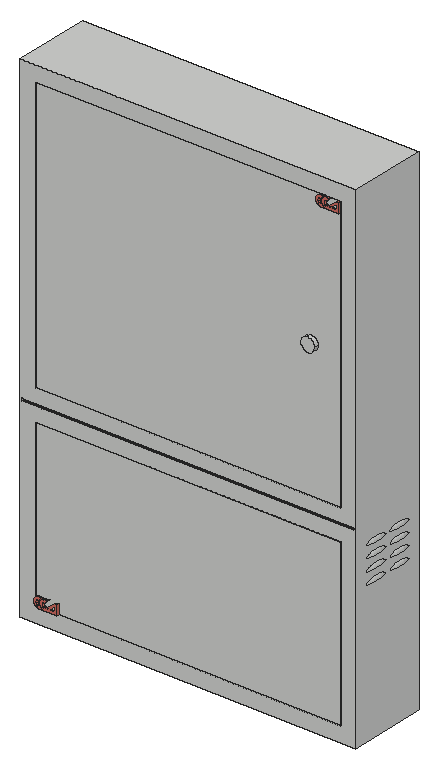
Revit family "120909-00128 Шкаф ШРП-В800-Р-ПВТ-10 ССД", category Обобщенные модели, Revit 2019
Family settings
  Может служить основой для арматурных стержней = Нет
  Размер круглого соединителя = Использовать диаметр
  Тип детали = Нормальный
  На основе рабочей плоскости = Нет
  Всегда вертикально = Да
  При загрузке вырезать с полостями = Нет
  Общий = Нет
  Точка расчета площади = Нет
Parameters (values of type "ШРП-В/800-Р-ПВТ-10 (80 плинтов ПВТ)")
  Толшина 5 = 5 mm  # constant formula
  Смещение от пола [instance] = 300 mm
  Описание = "Шкаф ШРП-В/800-Р-ПВТ-10 ССД"
  Ноль = 0 mm  # constant formula
  Материал каркаса = RAL 7035
  Материал букв = Красный металл
  Видимость шпонки [instance] = if(ADSK_Размер_Глубина > 250 mm, 1 = 1, 1 = 0)  # no
  ADSK_Этаж [instance] = ""
  ADSK_Размер_Ширина = 860 mm
  ADSK_Размер_Глубина = 200 mm
  ADSK_Размер_Высота = 1280 mm
  ADSK_Примечание [instance] = ""
  ADSK_Предел огнестойкости = ""
  ADSK_Позиция [instance] = ""
  ADSK_Обозначение = ""
  ADSK_Наименование краткое = "ШРП-В/800-Р-ПВТ-10 (80 плинтов ПВТ)"
  ADSK_Наименование = "Шкаф ШРП-В/800-Р-ПВТ-10 ССД"
  ADSK_Масса_Текст = "50.5"
  ADSK_Марка [instance] = ""
  ADSK_Количество [instance] = 1  # constant formula
  ADSK_Код изделия = "120909-00128"
  ADSK_Зона = ""
  ADSK_Завод-изготовитель = "АО СВЯЗЬСТРОЙДЕТАЛЬ"  # constant formula
  ADSK_Единица измерения = "шт"  # constant formula
  ADSK_URL страницы изделия = "https://www.ssd.ru/shkaf-shrp-v-800-r-pvt-10"
  ADSK_URL документации изделия = "shr_decl_2017.pdf (ssd.ru)"
Reference planes
  plane 1 "тттт": y = 0
  plane 2: z = 0
  plane 3 "УУУУ": x = 0
  plane 4: y = 100
  plane 5 "ЕЕЕ": y = -100
  plane 6: x = 430
  plane 7: x = -430
  plane 8: z = 300
  plane 9: z = 800
  plane 10: z = 1580
  plane 11 "Внутриность": y = 96
  plane 12: y = -96
  plane 13: x = -426
  plane 14: x = 426
  plane 15 "П1": z = 761
  plane 16: z = 339
  plane 17: z = 1541
  plane 18: z = 839
  plane 19: x = -391
  plane 20: x = 391
  plane 21: z = 803.251
  plane 22: z = 796.957
  plane 23: z = 1576.047
  plane 24: z = 304
  plane 25: y = -37
  plane 26: y = 37
  plane 27 "П2": z = 750
  plane 28 "П3": z = 720
  plane 29 "П4": z = 690
  plane 30 "П5": z = 660
  plane 31: z = 1190
  plane 32: x = 315
  plane 33: y = -110
Forms (mm)
  Extrusion 1, void, not visible, detail levels fine
    sketch origin (-20, 0, 0) x (1, 0, 0) y (0, 0, 1)
      loop
        arc (-281.999, 290) -> (-261.999, 270) -> (-241.999, 290) r 20
        line (-241.999, 290) -> (-241.999, 370)
        arc (-241.999, 370) -> (-261.999, 390) -> (-281.999, 370) r 20
        line (-281.999, 370) -> (-281.999, 290)
    from 90 to 190
  Extrusion 2, void, not visible
    sketch origin (-20, 0, 225) x (1, 0, 0) y (0, 0, 1)
      loop
        circle (-261.999, 215) r 6.5
    from 90 to 190
  Extrusion 3, void, not visible, detail levels fine
    sketch origin (20, 0, 0) x (-1, 0, 0) y (0, 0, -1)
      loop
        line (-281.999, -290) -> (-281.999, -370)
        arc (-281.999, -370) -> (-261.999, -390) -> (-241.999, -370) r 20
        line (-241.999, -370) -> (-241.999, -290)
        arc (-241.999, -290) -> (-261.999, -270) -> (-281.999, -290) r 20
    from 90 to 190
  Extrusion 4, void, not visible
    sketch origin (20, 0, 225) x (-1, 0, 0) y (0, 0, -1)
      loop
        circle (-261.999, -215) r 6.5
    from 90 to 190
  Extrusion 5, void, not visible
    sketch origin (0, 0, 220) x (0, 1, 0) y (0, 0, 1)
      loop
        circle (-102, 220) r 3.036
      loop
        circle (-172.959, 220) r 3.036
      loop
        circle (-122, 237) r 3.036
      loop
        circle (-157.959, 237) r 3.036
      loop
        circle (-121.964, 203) r 3.036
      loop
        circle (-158.036, 203) r 3.036
      loop
        arc (-162.48, 75) -> (-137.48, 50) -> (-112.48, 75) r 25
        line (-112.48, 75) -> (-112.48, 145)
        arc (-112.48, 145) -> (-137.48, 170) -> (-162.48, 145) r 25
        line (-162.48, 145) -> (-162.48, 75)
    from -312 to 312
  Extrusion 6, solid, material "RAL 7035" <- "Материал каркаса", detail levels medium+fine
    sketch origin (0, 0, 0) x (1, 0, 0) y (0, 0, 1)
      loop
        line (-430, 1580) -> (-430, 300) -> (430, 300) -> (430, 1580) -> (-430, 1580)
    from -100 to -96
  Extrusion 7, solid, material "RAL 7035" <- "Материал каркаса", detail levels medium+fine
    sketch origin (0, 0, 0) x (0, 1, 0) y (0, 0, 1)
      loop
        line (-100, 1580) -> (-100, 300) -> (100, 300) -> (100, 1580) -> (-100, 1580)
    from 426 to 430
  Extrusion 8, solid, material "RAL 7035" <- "Материал каркаса", detail levels medium+fine
    sketch origin (0, 0, 0) x (0, 1, 0) y (0, 0, 1)
      loop
        line (-100, 1580) -> (-100, 300) -> (100, 300) -> (100, 1580) -> (-100, 1580)
    from -430 to -426
  Extrusion 9, solid, material "RAL 7035" <- "Материал каркаса", detail levels medium+fine
    sketch origin (0, 0, 0) x (1, 0, 0) y (0, 0, 1)
      loop
        line (-430, 1580) -> (-430, 803.251) -> (430, 803.251) -> (430, 1580) -> (-430, 1580)
      loop
        line (430, 300) -> (430, 796.957) -> (-430, 796.957) -> (-430, 300) -> (430, 300)
      loop
        line (-391, 1541) -> (-391, 839) -> (391, 839) -> (391, 1541) -> (-391, 1541)
      loop
        line (-391, 761) -> (-391, 339) -> (391, 339) -> (391, 761) -> (-391, 761)
    from 96 to 100
  Extrusion 10, solid, material "RAL 7035" <- "Материал каркаса", detail levels medium+fine
    sketch origin (0, 0, 0) x (1, 0, 0) y (0, 0, 1)
      loop
        line (-391, 1541) -> (-391, 839) -> (391, 839) -> (391, 1541) -> (-391, 1541)
      loop
        line (-391, 761) -> (-391, 339) -> (391, 339) -> (391, 761) -> (-391, 761)
    from 96 to 100
  Extrusion 11, solid, material "RAL 7035" <- "Материал каркаса", detail levels medium+fine
    sketch origin (0, 0, 0) x (1, 0, 0) y (0, 1, 0)
      loop
        line (-430, 100) -> (-430, -100) -> (430, -100) -> (430, 100) -> (-430, 100)
    from 300 to 304
  Extrusion 12, solid, material "RAL 7035" <- "Материал каркаса", detail levels medium+fine
    sketch origin (0, 0, 0) x (1, 0, 0) y (0, 1, 0)
      loop
        line (-430, 100) -> (-430, -100) -> (430, -100) -> (430, 100) -> (-430, 100)
    from 1576.047 to 1580
  Extrusion 13, solid, material "RAL 7035" <- "Материал каркаса", detail levels medium+fine
    sketch origin (0, 0, 0) x (1, 0, 0) y (0, 0, 1)
      loop
        circle (315, 1190) r 17.5
    from 100 to 110
  Extrusion 14, solid, material "RAL 7035" <- "Материал каркаса", detail levels coarse
    sketch origin (0, 0, 0) x (1, 0, 0) y (0, 1, 0)
      loop
        line (-430, 100) -> (-430, -100) -> (430, -100) -> (430, 100) -> (-430, 100)
    from 300 to 1580
Cuts and joins
  joined: Extrusion 6, Extrusion 7, Extrusion 8, Extrusion 9, Extrusion 11, Extrusion 12
Dimensions and locks
  equal spacing: plane 7, plane 3 "УУУУ", plane 6
  equal spacing: plane 5 "ЕЕЕ", plane 1 "тттт", plane 4
  "Смещение от пола": plane 2 to plane 8
  "ADSK_Размер_Ширина": plane 7 to plane 6
  "ADSK_Размер_Глубина": plane 4 to plane 5 "ЕЕЕ"
  locked: plane 9 to plane 8 at 500
  "ADSK_Размер_Высота": plane 10 to plane 8
  locked: plane 4 to plane 11 "Внутриность" at 4
  locked: plane 5 "ЕЕЕ" to plane 12 at 4
  locked: plane 7 to plane 13 at 4
  locked: plane 14 to plane 6 at 4
  locked: plane 9 to plane 15 "П1" at 39
  locked: plane 16 to plane 8 at 39
  locked: plane 18 to plane 9 at 39
  locked: plane 10 to plane 17 at 39
  locked: plane 21 to plane 9 at 3.251
  locked: plane 9 to plane 22 at 3.043
  locked: plane 10 to plane 23 at 3.953
  locked: plane 24 to plane 8 at 4
  locked: plane 5 "ЕЕЕ" to plane 25 at 63
  locked: plane 26 to plane 4 at 63
  locked: plane 27 "П2" to plane 9 at 50
  locked: plane 28 "П3" to plane 27 "П2" at 30
  locked: plane 29 "П4" to plane 28 "П3" at 30
  locked: plane 19 to plane 7 at 39
  locked: plane 20 to plane 6 at 39
  locked: plane 30 "П5" to plane 29 "П4" at 30
  equal spacing: plane 10, plane 31, plane 9
  locked: plane 6 to plane 32 at 115
  locked: plane 5 "ЕЕЕ" to plane 33 at 10
  aligned and locked: level to plane 2
  aligned and locked: plane 10 to Extrusion 6 sketch curve
  aligned and locked: plane 7 to Extrusion 6 sketch curve
  aligned and locked: Extrusion 6 sketch curve to plane 6
  aligned and locked: Extrusion 6 sketch curve to plane 8
  aligned and locked: plane 4 to Extrusion 6
  aligned and locked: Extrusion 6 to plane 11 "Внутриность"
  aligned and locked: plane 10 to Extrusion 7 sketch curve
  aligned and locked: Extrusion 7 sketch curve to plane 5 "ЕЕЕ"
  aligned and locked: Extrusion 7 sketch curve to Extrusion 6  (x2)
  aligned and locked: Extrusion 7 to plane 14
  aligned and locked: plane 6 to Extrusion 7
  aligned and locked: plane 10 to Extrusion 8 sketch curve
  aligned and locked: Extrusion 8 sketch curve to plane 5 "ЕЕЕ"
  aligned and locked: Extrusion 8 sketch curve to cut or joined group of Extrusion 6, Extrusion 7, Extrusion 8, Extrusion 9, Extrusion 11, Extrusion 12  (x2)
  aligned and locked: Extrusion 8 to plane 7
  aligned and locked: plane 13 to Extrusion 8
  aligned and locked: Extrusion 9 sketch curve to cut or joined group of Extrusion 6, Extrusion 7, Extrusion 8, Extrusion 9, Extrusion 11, Extrusion 12  (x2)
  aligned and locked: plane 17 to Extrusion 9 sketch curve
  aligned and locked: Extrusion 9 sketch curve to plane 19  (x2)
  aligned and locked: plane 18 to Extrusion 9 sketch curve
  aligned and locked: plane 20 to Extrusion 9 sketch curve  (x2)
  aligned and locked: plane 15 "П1" to Extrusion 9 sketch curve
  aligned and locked: Extrusion 9 sketch curve to plane 16
  aligned and locked: plane 21 to Extrusion 9 sketch curve
  aligned and locked: Extrusion 9 sketch curve to plane 22
  aligned and locked: Extrusion 9 sketch curve to plane 7
  aligned and locked: Extrusion 9 sketch curve to plane 6  (x2)
  aligned and locked: plane 7 to Extrusion 9 sketch curve
  aligned and locked: plane 12 to Extrusion 9
  aligned and locked: plane 5 "ЕЕЕ" to Extrusion 9
  aligned and locked: Extrusion 10 sketch curve to cut or joined group of Extrusion 6, Extrusion 7, Extrusion 8, Extrusion 9, Extrusion 11, Extrusion 12  (x8)
  aligned and locked: plane 12 to Extrusion 10
  aligned and locked: plane 5 "ЕЕЕ" to Extrusion 10
  aligned and locked: Extrusion 11 sketch curve to cut or joined group of Extrusion 6, Extrusion 7, Extrusion 8, Extrusion 9, Extrusion 11, Extrusion 12  (x2)
  aligned and locked: Extrusion 11 sketch curve to plane 5 "ЕЕЕ"
  aligned and locked: Extrusion 11 sketch curve to plane 6
  aligned and locked: plane 24 to Extrusion 11
  aligned and locked: plane 8 to Extrusion 11
  aligned and locked: Extrusion 12 sketch curve to plane 4
  aligned and locked: plane 7 to Extrusion 12 sketch curve
  aligned and locked: Extrusion 12 sketch curve to plane 5 "ЕЕЕ"
  aligned and locked: Extrusion 12 sketch curve to plane 6
  aligned and locked: plane 23 to Extrusion 12
  aligned and locked: Extrusion 12 to plane 10
  aligned and locked: plane 6 to cut or joined group of Extrusion 6, Extrusion 7, Extrusion 8, Extrusion 9, Extrusion 11, Extrusion 12
  aligned and locked: nested 1 to plane 25
  aligned and locked: plane 6 to nested 1
  aligned and locked: nested 2 to plane 1 "тттт"
  aligned and locked: plane 6 to nested 2
  aligned and locked: nested 3 to plane 26
  aligned and locked: plane 6 to nested 3
  aligned and locked: plane 27 "П2" to nested 3
  aligned and locked: plane 27 "П2" to nested 2
  aligned and locked: plane 27 "П2" to nested 1
  aligned and locked: plane 28 "П3" to nested 6
  aligned and locked: plane 28 "П3" to nested 5
  aligned and locked: plane 28 "П3" to nested 4
  aligned and locked: plane 29 "П4" to nested 9
  aligned and locked: plane 29 "П4" to nested 8
  aligned and locked: plane 29 "П4" to nested 7
  aligned and locked: plane 30 "П5" to nested 12
  aligned and locked: plane 30 "П5" to nested 11
  aligned and locked: plane 30 "П5" to nested 10
  aligned and locked: nested 6 to plane 26
  aligned and locked: nested 5 to plane 1 "тттт"
  aligned and locked: nested 4 to plane 25
  aligned and locked: plane 6 to nested 6
  aligned and locked: plane 6 to nested 5
  aligned and locked: plane 6 to nested 4
  aligned and locked: nested 9 to plane 26
  aligned and locked: nested 8 to plane 1 "тттт"
  aligned and locked: nested 7 to plane 25
  aligned and locked: plane 6 to nested 9
  aligned and locked: plane 6 to nested 8
  aligned and locked: plane 6 to nested 7
  aligned and locked: nested 12 to plane 26
  aligned and locked: nested 11 to plane 1 "тттт"
  aligned and locked: nested 10 to plane 25
  aligned and locked: plane 6 to nested 12
  aligned and locked: plane 6 to nested 11
  aligned and locked: plane 6 to nested 10
  aligned and locked: plane 26 to nested 15
  aligned and locked: plane 1 "тттт" to nested 14
  aligned and locked: plane 25 to nested 13
  aligned and locked: nested 13 to plane 7
  aligned and locked: nested 14 to plane 7
  aligned and locked: nested 15 to plane 7
  aligned and locked: plane 27 "П2" to nested 15
  aligned and locked: plane 27 "П2" to nested 14
  aligned and locked: plane 27 "П2" to nested 13
  aligned and locked: nested 13 to plane 27 "П2"
  aligned and locked: nested 14 to plane 27 "П2"
  aligned and locked: nested 15 to plane 27 "П2"
  aligned and locked: plane 28 "П3" to nested 16
  aligned and locked: plane 28 "П3" to nested 17
  aligned and locked: plane 28 "П3" to nested 18
  aligned and locked: plane 29 "П4" to nested 19
  aligned and locked: plane 29 "П4" to nested 20
  aligned and locked: plane 29 "П4" to nested 21
  aligned and locked: plane 30 "П5" to nested 22
  aligned and locked: plane 30 "П5" to nested 23
  aligned and locked: plane 30 "П5" to nested 24
  aligned and locked: plane 25 to nested 16
  aligned and locked: plane 1 "тттт" to nested 17
  aligned and locked: plane 26 to nested 18
  aligned and locked: nested 16 to plane 7
  aligned and locked: nested 17 to plane 7
  aligned and locked: nested 18 to plane 7
  aligned and locked: plane 26 to nested 21
  aligned and locked: nested 21 to plane 7
  aligned and locked: plane 1 "тттт" to nested 20
  aligned and locked: nested 20 to plane 7
  aligned and locked: plane 25 to nested 19
  aligned and locked: nested 19 to plane 7
  aligned and locked: plane 25 to nested 22
  aligned and locked: plane 1 "тттт" to nested 23
  aligned and locked: plane 26 to nested 24
  aligned and locked: nested 24 to plane 7
  aligned and locked: nested 23 to plane 7
  aligned and locked: nested 22 to plane 7
  aligned and locked: plane 32 to Extrusion 13 sketch curve
  aligned and locked: plane 31 to Extrusion 13 sketch curve
  aligned and locked: Extrusion 13 to plane 5 "ЕЕЕ"
  aligned and locked: Extrusion 13 to plane 33
  aligned and locked: plane 5 "ЕЕЕ" to nested 25
  aligned and locked: plane 5 "ЕЕЕ" to nested 26
  aligned and locked: nested 25 to plane 19
  aligned and locked: nested 25 to plane 16
  aligned and locked: plane 20 to nested 26
  aligned and locked: plane 17 to nested 26
  aligned and locked: Extrusion 14 sketch curve to plane 5 "ЕЕЕ"
  aligned and locked: plane 7 to Extrusion 14 sketch curve
  aligned and locked: Extrusion 14 sketch curve to plane 4
  aligned and locked: Extrusion 14 sketch curve to plane 6
  aligned and locked: Extrusion 14 to plane 10
  aligned and locked: plane 8 to Extrusion 14
  aligned and locked: plane 7 to nested 27
  aligned and locked: plane 6 to nested 27
  aligned and locked: nested 27 to plane 10
  aligned and locked: plane 8 to nested 27
Automatic sketch dimensions
  radius of Extrusion 13 sketch curve = 17.5 mm
Nested families
  nested 1: "Впадина" at (430, -37, 750) x (0, 1, 0) z (0, 0, 1), Материал <- "Материал каркаса", type "Впадина", detail levels fine
    with Материал RAL 7035
  nested 2: "Впадина" at (430, 0, 750) x (0, 1, 0) z (0, 0, 1), Материал <- "Материал каркаса", visible <- "Видимость шпонки", type "Впадина", detail levels fine
    with Материал RAL 7035
  nested 3: "Впадина" at (430, 37, 750) x (0, 1, 0) z (0, 0, 1), Материал <- "Материал каркаса", type "Впадина", detail levels fine
    with Материал RAL 7035
  nested 4: "Впадина" at (430, -37, 720) x (0, 1, 0) z (0, 0, 1), Материал <- "Материал каркаса", type "Впадина", detail levels fine
    with Материал RAL 7035
  nested 5: "Впадина" at (430, 0, 720) x (0, 1, 0) z (0, 0, 1), Материал <- "Материал каркаса", visible <- "Видимость шпонки", type "Впадина", detail levels fine
    with Материал RAL 7035
  nested 6: "Впадина" at (430, 37, 720) x (0, 1, 0) z (0, 0, 1), Материал <- "Материал каркаса", type "Впадина", detail levels fine
    with Материал RAL 7035
  nested 7: "Впадина" at (430, -37, 690) x (0, 1, 0) z (0, 0, 1), Материал <- "Материал каркаса", type "Впадина", detail levels fine
    with Материал RAL 7035
  nested 8: "Впадина" at (430, 0, 690) x (0, 1, 0) z (0, 0, 1), Материал <- "Материал каркаса", visible <- "Видимость шпонки", type "Впадина", detail levels fine
    with Материал RAL 7035
  nested 9: "Впадина" at (430, 37, 690) x (0, 1, 0) z (0, 0, 1), Материал <- "Материал каркаса", type "Впадина", detail levels fine
    with Материал RAL 7035
  nested 10: "Впадина" at (430, -37, 660) x (0, 1, 0) z (0, 0, 1), Материал <- "Материал каркаса", type "Впадина", detail levels fine
    with Материал RAL 7035
  nested 11: "Впадина" at (430, 0, 660) x (0, 1, 0) z (0, 0, 1), Материал <- "Материал каркаса", visible <- "Видимость шпонки", type "Впадина", detail levels fine
    with Материал RAL 7035
  nested 12: "Впадина" at (430, 37, 660) x (0, 1, 0) z (0, 0, 1), Материал <- "Материал каркаса", type "Впадина", detail levels fine
    with Материал RAL 7035
  nested 13: "Впадина" at (-430, -37, 750) x (0, -1, 0) z (0, 0, 1), Материал <- "Материал каркаса", type "Впадина", detail levels fine
    with Материал RAL 7035
  nested 14: "Впадина" at (-430, 0, 750) x (0, -1, 0) z (0, 0, 1), Материал <- "Материал каркаса", visible <- "Видимость шпонки", type "Впадина", detail levels fine
    with Материал RAL 7035
  nested 15: "Впадина" at (-430, 37, 750) x (0, -1, 0) z (0, 0, 1), Материал <- "Материал каркаса", type "Впадина", detail levels fine
    with Материал RAL 7035
  nested 16: "Впадина" at (-430, -37, 720) x (0, -1, 0) z (0, 0, 1), Материал <- "Материал каркаса", type "Впадина", detail levels fine
    with Материал RAL 7035
  nested 17: "Впадина" at (-430, 0, 720) x (0, -1, 0) z (0, 0, 1), Материал <- "Материал каркаса", visible <- "Видимость шпонки", type "Впадина", detail levels fine
    with Материал RAL 7035
  nested 18: "Впадина" at (-430, 37, 720) x (0, -1, 0) z (0, 0, 1), Материал <- "Материал каркаса", type "Впадина", detail levels fine
    with Материал RAL 7035
  nested 19: "Впадина" at (-430, -37, 690) x (0, -1, 0) z (0, 0, 1), Материал <- "Материал каркаса", type "Впадина", detail levels fine
    with Материал RAL 7035
  nested 20: "Впадина" at (-430, 0, 690) x (0, -1, 0) z (0, 0, 1), Материал <- "Материал каркаса", visible <- "Видимость шпонки", type "Впадина", detail levels fine
    with Материал RAL 7035
  nested 21: "Впадина" at (-430, 37, 690) x (0, -1, 0) z (0, 0, 1), Материал <- "Материал каркаса", type "Впадина", detail levels fine
    with Материал RAL 7035
  nested 22: "Впадина" at (-430, -37, 660) x (0, -1, 0) z (0, 0, 1), Материал <- "Материал каркаса", type "Впадина", detail levels fine
    with Материал RAL 7035
  nested 23: "Впадина" at (-430, 0, 660) x (0, -1, 0) z (0, 0, 1), Материал <- "Материал каркаса", visible <- "Видимость шпонки", type "Впадина", detail levels fine
    with Материал RAL 7035
  nested 24: "Впадина" at (-430, 37, 660) x (0, -1, 0) z (0, 0, 1), Материал <- "Материал каркаса", type "Впадина", detail levels fine
    with Материал RAL 7035
  nested 25: "ССД" at (-361.016, -100, 339), Материал <- "Материал букв", type "ССД", detail levels fine
    with Материал Красный металл
  nested 26: "ССД" at (361.016, -100, 1515), Материал <- "Материал букв", type "ССД", detail levels fine
    with Материал Красный металл
  nested 27: "ЭУ_Шкаф большой фасад" at (0, 0, 300) x (1, 0, 0) z (0, -1, 0), ADSK_Размер_Высота <- "ADSK_Размер_Высота", ADSK_Размер_Ширина <- "ADSK_Размер_Ширина", type "ЭУ_Шкаф большой фасад", detail levels coarse
    with ADSK_Размер_Ширина 860 mm, ADSK_Размер_Высота 1280 mm
Definition of nested family "Впадина"
  Parameters (values of type "Впадина")
    Материал [instance] = none
    ADSK_Размер_Ширина = 64 mm
  Reference planes
    plane 1 "По центру (Вперед/Назад)": y = 0
    plane 2: z = 0
    plane 3 "По центру (Влево/Вправо)": x = 0
    plane 4: y = -5
    plane 5: x = -32
    plane 6: x = 32
  Forms (mm)
    Sweep 1, solid, material <- "Материал"
      path origin (0, 0, 0) x (1, 0, 0) y (0, 1, 0)
        loop
          arc (-32, 0) -> (0, -5) -> (32, 0) r 104.9
      profile origin (0, -5, 0) x (0, 1, 0) y (0, 0, 1)
        loop
          line (0, 0) -> (1.008, 0)
          arc (1.008, 0) -> (2.037, 5.808) -> (5, 10.909) r 16.9
          line (5, 10.909) -> (5, 12)
          arc (5, 12) -> (1.3, 6.5) -> (0, 0) r 16.9
  Lines and regions (mm)
    symbolic lines
      curve 1: line (-32, 0, 0) -> (32, 0, 0)
      curve 2: line (0, 0, 0) -> (0, -5, 0)
      curve 3: line (-32, 0, 0) -> (32, 0, 0)
  Dimensions and locks
    equal spacing: plane 5, plane 3 "По центру (Влево/Вправо)", plane 6
    "ADSK_Размер_Ширина": plane 5 to plane 6
    plane 4 to plane 1 "По центру (Вперед/Назад)" = 5 mm
    aligned and locked: level to plane 2
    aligned and locked: plane 5 to Sweep 1 sketch curve
    aligned and locked: plane 1 "По центру (Вперед/Назад)" to Sweep 1 sketch curve  (x3)
    aligned and locked: plane 6 to Sweep 1 sketch curve
    aligned and locked: plane 1 "По центру (Вперед/Назад)" to curve 1
    aligned and locked: curve 2 to plane 3 "По центру (Влево/Вправо)"
    aligned and locked: curve 3 to plane 2
  Automatic sketch dimensions
    Sweep 1 sketch curve to plane 1 "По центру (Вперед/Назад)" = 99.9 mm
    Sweep 1 sketch curve to profile plane = 0 mm
    Sweep 1 sketch curve to level = 0 mm
    Sweep 1 sketch curve to Sweep 1 sketch curve = 11.9 mm
    Sweep 1 sketch curve to Sweep 1 sketch curve = 1.008 mm
    Sweep 1 sketch curve to Sweep 1 sketch curve = 1.091 mm
    curve 1 to plane 5 = 0 mm
    curve 1 to plane 6 = 0 mm
    curve 2 to plane 4 = 0 mm
    curve 3 to plane 5 = 0 mm
    curve 3 to plane 6 = 0 mm
Definition of nested family "ССД"
  Parameters (values of type "ССД")
    Материал [instance] = none
  Reference planes
    plane 1 "По центру (Вперед/Назад)": y = 0
    plane 2: z = 0
    plane 3 "По центру (Влево/Вправо)": x = 0
    plane 4: y = -5
    plane 5: z = 26
    plane 6: x = -29.984
    plane 7: x = 29.984
  Forms (mm)
    Extrusion 1, solid, material <- "Материал"
      sketch origin (-4.748, 0, -135.953) x (1, 0, 0) y (0, 0, 1)
        loop
          arc (-12.562, 161.735) -> (-25.455, 148.886) -> (-12.605, 135.993) r 12.871
          line (-12.605, 135.993) -> (-5.127, 135.993)
          arc (-5.127, 135.993) -> (-8.341, 138.928) -> (-10.997, 142.376) r 24.946
          line (-10.997, 142.376) -> (-12.584, 142.376)
          arc (-12.584, 142.376) -> (-19.072, 148.864) -> (-12.584, 155.352) r 6.488
          line (-12.584, 155.352) -> (-10.972, 155.352)
          arc (-10.972, 155.352) -> (-8.292, 158.804) -> (-5.051, 161.735) r 24.946
          line (-5.051, 161.735) -> (-12.562, 161.735)
        loop
          arc (3.387, 161.709) -> (-9.505, 148.859) -> (3.344, 135.967) r 12.871
          line (3.344, 135.967) -> (34.291, 135.915) -> (34.334, 161.666) -> (28.9, 161.666) -> (8.095, 144.25) -> (16.764, 144.25) -> (28.888, 154.399) -> (28.868, 142.307) -> (3.34, 142.35)
          arc (3.34, 142.35) -> (-3.122, 148.856) -> (3.377, 155.326) r 6.488
          line (3.377, 155.326) -> (4.978, 155.326)
          arc (4.978, 155.326) -> (7.657, 158.777) -> (10.898, 161.709) r 24.946
          line (10.898, 161.709) -> (3.387, 161.709)
      from 0 to 5
  Lines and regions (mm)
    symbolic lines
      curve 1: line (-29.984, 0, 0) -> (29.984, 0, 0)
      curve 2: line (-29.984, 0, 26) -> (29.984, 0, 26)
      curve 3: line (-29.984, 0, 0) -> (-29.984, 0, 26)
      curve 4: line (29.984, 0, 0) -> (-29.984, 0, 0)
      curve 5: line (29.984, 0, 26) -> (29.984, 0, 0)
  Dimensions and locks
    locked: plane 1 "По центру (Вперед/Назад)" to plane 4 at 5
    locked: plane 5 to plane 2 at 26
    equal spacing: plane 7, plane 3 "По центру (Влево/Вправо)", plane 6
    locked: plane 7 to plane 6 at 59.968
    aligned and locked: level to plane 2
    aligned and locked: plane 1 "По центру (Вперед/Назад)" to curve 1
    aligned and locked: Extrusion 1 to plane 4
    aligned and locked: Extrusion 1 to plane 1 "По центру (Вперед/Назад)"
    aligned and locked: curve 2 to plane 5
    aligned and locked: plane 6 to curve 3
    aligned and locked: plane 2 to curve 4
    aligned and locked: curve 5 to plane 7
  Automatic sketch dimensions
    curve 1 to plane 6 = 0 mm
    curve 1 to plane 7 = 0 mm
    Extrusion 1 sketch curve to Extrusion 1 sketch curve = 0 mm  (x6)
    Extrusion 1 sketch curve to plane 3 "По центру (Влево/Вправо)" = 17.331 mm
    Extrusion 1 sketch curve to Extrusion 1 sketch curve = 0.022 mm
    Extrusion 1 sketch curve to Extrusion 1 sketch curve = 1.587 mm
    Extrusion 1 sketch curve to Extrusion 1 sketch curve = 1.612 mm
    Extrusion 1 sketch curve to plane 3 "По центру (Влево/Вправо)" = 9.875 mm
    Extrusion 1 sketch curve to plane 3 "По центру (Влево/Вправо)" = 1.407 mm
    Extrusion 1 sketch curve to plane 3 "По центру (Влево/Вправо)" = 1.382 mm
    Extrusion 1 sketch curve to plane 3 "По центру (Влево/Вправо)" = 1.371 mm
    Extrusion 1 sketch curve to plane 3 "По центру (Влево/Вправо)" = 1.36 mm
    Extrusion 1 sketch curve to Extrusion 1 sketch curve = 1.601 mm
    Extrusion 1 sketch curve to Extrusion 1 sketch curve = 4.755 mm
    Extrusion 1 sketch curve to Extrusion 1 sketch curve = 1.902 mm
    Extrusion 1 sketch curve to Extrusion 1 sketch curve = 5.043 mm
    Extrusion 1 sketch curve to Extrusion 1 sketch curve = 0.878 mm
    Extrusion 1 sketch curve to Extrusion 1 sketch curve = 6.767 mm
    Extrusion 1 sketch curve to plane 7 = 8.785 mm
    Extrusion 1 sketch curve to plane 7 = 5.864 mm
    Extrusion 1 sketch curve to plane 7 = 5.844 mm
    Extrusion 1 sketch curve to plane 7 = 5.831 mm
    Extrusion 1 sketch curve to plane 7 = 0.44 mm
    Extrusion 1 sketch curve to plane 7 = 0.397 mm
    Extrusion 1 sketch curve to plane 5 = 26.038 mm
    Extrusion 1 sketch curve to Extrusion 1 sketch curve = 0.079 mm
    Extrusion 1 sketch curve to Extrusion 1 sketch curve = 5.898 mm
    Extrusion 1 sketch curve to Extrusion 1 sketch curve = 0.027 mm
    Extrusion 1 sketch curve to Extrusion 1 sketch curve = 0.494 mm
    Extrusion 1 sketch curve to Extrusion 1 sketch curve = 0.51 mm
    Extrusion 1 sketch curve to Extrusion 1 sketch curve = 6.383 mm
    Extrusion 1 sketch curve to Extrusion 1 sketch curve = 2.411 mm
    Extrusion 1 sketch curve to Extrusion 1 sketch curve = 6.488 mm  (x2)
    Extrusion 1 sketch curve to Extrusion 1 sketch curve = 12.092 mm
    Extrusion 1 sketch curve to Extrusion 1 sketch curve = 7.267 mm
    Extrusion 1 sketch curve to plane 3 "По центру (Влево/Вправо)" = 9.798 mm
    Extrusion 1 sketch curve to plane 3 "По центру (Влево/Вправо)" = 1.404 mm
Definition of nested family "ЭУ_Шкаф большой фасад"
  Parameters (values of type "ЭУ_Шкаф большой фасад")
    ADSK_Размер_Ширина [instance] = 640 mm
    ADSK_Размер_Высота [instance] = 1180 mm
  Reference planes
    plane 1 "По центру (Вперед/Назад)": y = 0
    plane 2: z = 0
    plane 3 "По центру (Влево/Вправо)": x = 0
    plane 4: x = -320
    plane 5: x = 320
    plane 6: y = 1180
    plane 7: y = 1141
    plane 8 "По центру (В/О": y = 39
    plane 9: x = -281
    plane 10: x = 281
    plane 11 "По центру (В/П": y = 559
    plane 12 "По центру (В/Р": y = 520
    plane 13 "По центру (В/С": y = 598
    plane 14: x = 200
    plane 15: y = 869.5
  Lines and regions (mm)
    detail lines, in view "Опорный уровень"
      curve 1: line (-320, 1180, 0) -> (320, 1180, 0)
      curve 2: line (-320, 0, 0) -> (-320, 1180, 0)
      curve 3: line (320, 0, 0) -> (-320, 0, 0)
      curve 4: line (320, 1180, 0) -> (320, 0, 0)
      curve 5: line (-281, 1141, 0) -> (281, 1141, 0)
      curve 6: line (-281, 598, 0) -> (-281, 1141, 0)
      curve 7: line (281, 598, 0) -> (-281, 598, 0)
      curve 8: line (-281, 520, 0) -> (281, 520, 0)
      curve 9: line (-281, 39, 0) -> (-281, 520, 0)
      curve 10: line (281, 39, 0) -> (-281, 39, 0)
      curve 11: line (281, 520, 0) -> (281, 39, 0)
      curve 12: circle (200, 869.5, 0) r 20 normal (0, 0, 1)
      curve 13: line (281, 1141, 0) -> (281, 598, 0)
  Dimensions and locks
    equal spacing: plane 4, plane 3 "По центру (Влево/Вправо)", plane 5
    "ADSK_Размер_Ширина": plane 4 to plane 5
    "ADSK_Размер_Высота": plane 6 to plane 1 "По центру (Вперед/Назад)"
    locked: plane 1 "По центру (Вперед/Назад)" to plane 8 "По центру (В/О" at 39
    locked: plane 6 to plane 7 at 39
    locked: plane 10 to plane 5 at 39
    locked: plane 4 to plane 9 at 39
    locked: plane 12 "По центру (В/Р" to plane 11 "По центру (В/П" at 39
    locked: plane 13 "По центру (В/С" to plane 11 "По центру (В/П" at 39
    equal spacing: plane 7, plane 15, plane 13 "По центру (В/С"
    aligned and locked: curve 1 to plane 6
    aligned and locked: plane 4 to curve 2
    aligned and locked: curve 3 to plane 1 "По центру (Вперед/Назад)"
    aligned and locked: curve 4 to plane 5
    aligned and locked: curve 5 to plane 7
    aligned and locked: plane 9 to curve 6
    aligned and locked: plane 13 "По центру (В/С" to curve 7
    aligned and locked: plane 12 "По центру (В/Р" to curve 8
    aligned and locked: plane 9 to curve 9
    aligned and locked: curve 10 to plane 8 "По центру (В/О"
    aligned and locked: plane 15 to curve 12
    aligned and locked: plane 14 to curve 12
    aligned and locked: curve 11 to plane 10
    aligned and locked: curve 13 to plane 10
  Automatic sketch dimensions
    radius of curve 12 = 20 mm
